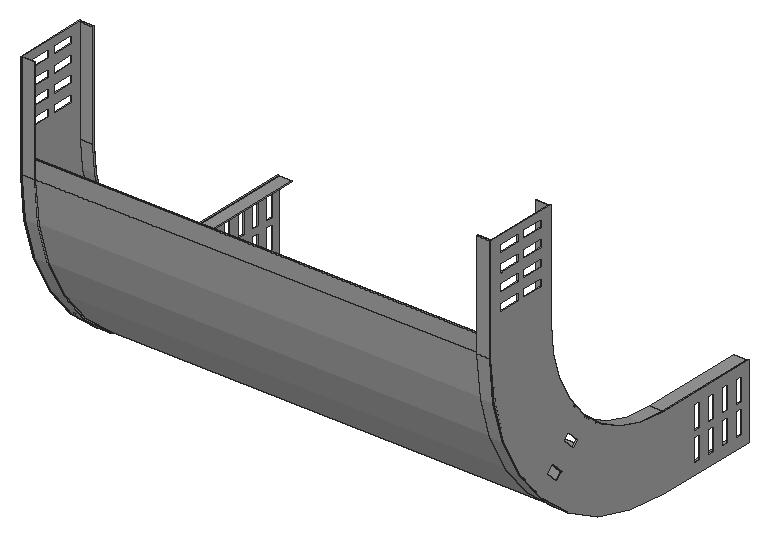
Revit family "Vertikalbogen 90° - RBV 640 F FT SO", category Generic Models, Revit 2017
Family settings
  Can host rebar = No
  Round Connector Dimension = Use Diameter
  Part Type = Normal
  Work Plane-Based = No
  Always vertical = Yes
  Cut with Voids When Loaded = No
  Shared = No
  Room Calculation Point = No
Parameters (values of type "RBV 640 F FT SO")
  URL = "http://www.obo-bettermann.com"
  Material = Hot dip galvanised
  Manufacturer Art.No. = "7195586"
  Manufacturer = "OBO BETTERMANN"
  GTIN = "4012196697212"
  Cut's number 2 = 4
  Cut's number = 2
  Article Type = "RBV 640 F FT SO"
Reference planes
  plane 1 "Center (Front/Back)": y = 0
  plane 2: z = 0
  plane 3 "Center (Left/Right)": x = 0
  plane 4: z = 273.75
  plane 5: y = 273.75
  plane 6: x = 1
  plane 7: x = 11.963
  plane 8: z = 273.75
  plane 9: x = 401
  plane 10: x = 400
  plane 11: x = 389
  plane 12: y = 198.75
  plane 13: z = 198.75
  plane 14: z = 263.75
  plane 15: y = 31.5
  plane 16: y = 44
  plane 17: z = 263.75
  plane 18: y = 6.5
  plane 19: y = 19
  plane 20: z = 248.75
  plane 21: y = 31.5
  plane 22: y = 44
  plane 23: z = 248.75
  plane 24: y = 6.5
  plane 25: y = 19
  plane 26: z = 233.75
  plane 27: y = 31.5
  plane 28: y = 44
  plane 29: z = 233.75
  plane 30: y = 6.5
  plane 31: y = 19
  plane 32: z = 218.75
  plane 33: y = 31.5
  plane 34: y = 44
  plane 35: z = 218.75
  plane 36: y = 6.5
  plane 37: y = 19
  plane 38: through (0, 0, 0) normal (0, 0.7071, -0.7071)
  plane 39: y = 263.75
  plane 40: z = 31.5
  plane 41: z = 44
  plane 42: y = 263.75
  plane 43: z = 6.5
  plane 44: z = 19
  plane 45: y = 248.75
  plane 46: z = 31.5
  plane 47: z = 44
  plane 48: y = 248.75
  plane 49: z = 6.5
  plane 50: z = 19
  plane 51: y = 233.75
  plane 52: z = 31.5
  plane 53: z = 44
  plane 54: y = 233.75
  plane 55: z = 6.5
  plane 56: z = 19
  plane 57: y = 218.75
  plane 58: z = 31.5
  plane 59: z = 44
  plane 60: y = 218.75
  plane 61: z = 6.5
  plane 62: z = 19
  plane 63: z = 263.75
  plane 64: y = 31.5
  plane 65: y = 44
  plane 66: z = 263.75
  plane 67: y = 6.5
  plane 68: y = 19
  plane 69: z = 248.75
  plane 70: y = 31.5
  plane 71: y = 44
  plane 72: z = 248.75
  plane 73: y = 6.5
  plane 74: y = 19
  plane 75: z = 233.75
  plane 76: y = 31.5
  plane 77: y = 44
  plane 78: z = 233.75
  plane 79: y = 6.5
  plane 80: y = 19
  plane 81: z = 218.75
  plane 82: y = 31.5
  plane 83: y = 44
  plane 84: z = 218.75
  plane 85: y = 6.5
  plane 86: y = 19
  plane 87: y = 263.75
  plane 88: z = 31.5
  plane 89: z = 44
  plane 90: y = 263.75
  plane 91: z = 6.5
  plane 92: z = 19
  plane 93: y = 248.75
  plane 94: z = 31.5
  plane 95: z = 44
  plane 96: y = 248.75
  plane 97: z = 6.5
  plane 98: z = 19
  plane 99: y = 233.75
  plane 100: z = 31.5
  plane 101: z = 44
  plane 102: y = 233.75
  plane 103: z = 6.5
  plane 104: z = 19
  plane 105: y = 218.75
  plane 106: z = 31.5
  plane 107: z = 44
  plane 108: y = 218.75
  plane 109: z = 6.5
  plane 110: z = 19
  plane 111: through (0, 68, 84.129) normal (0, -0.7071, -0.7071)
  plane 112: through (0, 53.819, 53.819) normal (0, 0.7071, 0.7071)
Forms (mm)
  Extrusion 1, solid, material "Hot dip galvanised" <- "Material"
    sketch origin (0, 0, 0) x (0, 1, 0) y (0, 0, 1)
      loop
        line (273.75, 0) -> (273.75, 63) -> (183.75, 63)
        arc (183.75, 63) -> (98.367, 98.367) -> (63, 183.75) r 120.75
        line (63, 183.75) -> (63, 273.75) -> (0, 273.75) -> (0, 183.75)
        arc (0, 183.75) -> (53.819, 53.819) -> (183.75, 0) r 183.75
        line (183.75, 0) -> (273.75, 0)
    from 0 to 1
  Extrusion 2, solid, material "Hot dip galvanised" <- "Material"
    sketch origin (0, 0, 0) x (0, 1, 0) y (0, 0, 1)
      loop
        line (63, 273.75) -> (62, 273.75) -> (62, 183.75)
        arc (62, 183.75) -> (97.66, 97.66) -> (183.75, 62) r 121.75
        line (183.75, 62) -> (273.75, 62) -> (273.75, 63) -> (183.75, 63)
        arc (183.75, 63) -> (98.367, 98.367) -> (63, 183.75) r 120.75
        line (63, 183.75) -> (63, 273.75)
      loop
        line (0, 273.75) -> (0, 183.75)
        arc (0, 183.75) -> (53.819, 53.819) -> (183.75, 0) r 183.75
        line (183.75, 0) -> (273.75, 0) -> (273.75, 1) -> (183.75, 1)
        arc (183.75, 1) -> (54.526, 54.526) -> (1, 183.75) r 182.75
        line (1, 183.75) -> (1, 273.75) -> (0, 273.75)
    from 1 to 11.963
  Extrusion 3, solid, material "Hot dip galvanised" <- "Material"
    sketch origin (0, 0, 0) x (0, 1, 0) y (0, 0, 1)
      loop
        line (0, 273.75) -> (0, 183.75)
        arc (0, 183.75) -> (53.819, 53.819) -> (183.75, 0) r 183.75
        line (183.75, 0) -> (273.75, 0) -> (273.75, 63) -> (183.75, 63)
        arc (183.75, 63) -> (98.367, 98.367) -> (63, 183.75) r 120.75
        line (63, 183.75) -> (63, 273.75) -> (0, 273.75)
    from 400 to 401
  Extrusion 4, solid, material "Hot dip galvanised" <- "Material"
    sketch origin (0, 0, 0) x (0, 1, 0) y (0, 0, 1)
      loop
        line (0, 273.75) -> (0, 183.75)
        arc (0, 183.75) -> (53.819, 53.819) -> (183.75, 0) r 183.75
        line (183.75, 0) -> (273.75, 0) -> (273.75, 1) -> (183.75, 1)
        arc (183.75, 1) -> (54.526, 54.526) -> (1, 183.75) r 182.75
        line (1, 183.75) -> (1, 273.75) -> (0, 273.75)
      loop
        line (63, 273.75) -> (62, 273.75) -> (62, 183.75)
        arc (62, 183.75) -> (97.66, 97.66) -> (183.75, 62) r 121.75
        line (183.75, 62) -> (273.75, 62) -> (273.75, 63) -> (183.75, 63)
        arc (183.75, 63) -> (98.367, 98.367) -> (63, 183.75) r 120.75
        line (63, 183.75) -> (63, 273.75)
    from 389 to 400
  Extrusion 5, solid, material "Hot dip galvanised"
    sketch origin (0, 0, 0) x (0, 1, 0) y (0, 0, 1)
      loop
        arc (1, 183.75) -> (54.526, 54.526) -> (183.75, 1) r 182.75
        line (183.75, 1) -> (198.75, 1) -> (198.75, 2) -> (183.75, 2)
        arc (183.75, 2) -> (55.233, 55.233) -> (2, 183.75) r 181.75
        line (2, 183.75) -> (2, 198.75) -> (1, 198.75) -> (1, 183.75)
    from 1 to 400
  Extrusion 6, void
    sketch origin (0, 0, 0) x (0, 1, 0) y (0, 0, 1)
      loop
        line (34, 267.25) -> (34, 260.25) -> (54, 260.25) -> (54, 267.25) -> (34, 267.25)
    from 0 to 1
  Extrusion 7, void
    sketch origin (0, -25, 0) x (0, 1, 0) y (0, 0, 1)
      loop
        line (34, 267.25) -> (34, 260.25) -> (54, 260.25) -> (54, 267.25) -> (34, 267.25)
    from 0 to 1
  Extrusion 8, void
    sketch origin (0, 0, -15) x (0, 1, 0) y (0, 0, 1)
      loop
        line (34, 267.25) -> (34, 260.25) -> (54, 260.25) -> (54, 267.25) -> (34, 267.25)
    from 0 to 1
  Extrusion 9, void
    sketch origin (0, -25, -15) x (0, 1, 0) y (0, 0, 1)
      loop
        line (34, 267.25) -> (34, 260.25) -> (54, 260.25) -> (54, 267.25) -> (34, 267.25)
    from 0 to 1
  Extrusion 10, void
    sketch origin (0, 0, -30) x (0, 1, 0) y (0, 0, 1)
      loop
        line (34, 267.25) -> (34, 260.25) -> (54, 260.25) -> (54, 267.25) -> (34, 267.25)
    from 0 to 1
  Extrusion 11, void
    sketch origin (0, -25, -30) x (0, 1, 0) y (0, 0, 1)
      loop
        line (34, 267.25) -> (34, 260.25) -> (54, 260.25) -> (54, 267.25) -> (34, 267.25)
    from 0 to 1
  Extrusion 12, void
    sketch origin (0, 0, -45) x (0, 1, 0) y (0, 0, 1)
      loop
        line (34, 267.25) -> (34, 260.25) -> (54, 260.25) -> (54, 267.25) -> (34, 267.25)
    from 0 to 1
  Extrusion 13, void
    sketch origin (0, -25, -45) x (0, 1, 0) y (0, 0, 1)
      loop
        line (34, 267.25) -> (34, 260.25) -> (54, 260.25) -> (54, 267.25) -> (34, 267.25)
    from 0 to 1
  Extrusion 14, void
    sketch origin (0, 0, 0) x (0, 0, 1) y (0, -1, 0)
      loop
        line (34, -267.25) -> (54, -267.25) -> (54, -260.25) -> (34, -260.25) -> (34, -267.25)
    from 0 to 1
  Extrusion 15, void
    sketch origin (0, 0, -25) x (0, 0, 1) y (0, -1, 0)
      loop
        line (34, -267.25) -> (54, -267.25) -> (54, -260.25) -> (34, -260.25) -> (34, -267.25)
    from 0 to 1
  Extrusion 16, void
    sketch origin (0, -15, 0) x (0, 0, 1) y (0, -1, 0)
      loop
        line (34, -267.25) -> (54, -267.25) -> (54, -260.25) -> (34, -260.25) -> (34, -267.25)
    from 0 to 1
  Extrusion 17, void
    sketch origin (0, -15, -25) x (0, 0, 1) y (0, -1, 0)
      loop
        line (34, -267.25) -> (54, -267.25) -> (54, -260.25) -> (34, -260.25) -> (34, -267.25)
    from 0 to 1
  Extrusion 18, void
    sketch origin (0, -30, 0) x (0, 0, 1) y (0, -1, 0)
      loop
        line (34, -267.25) -> (54, -267.25) -> (54, -260.25) -> (34, -260.25) -> (34, -267.25)
    from 0 to 1
  Extrusion 19, void
    sketch origin (0, -30, -25) x (0, 0, 1) y (0, -1, 0)
      loop
        line (34, -267.25) -> (54, -267.25) -> (54, -260.25) -> (34, -260.25) -> (34, -267.25)
    from 0 to 1
  Extrusion 20, void
    sketch origin (0, -45, 0) x (0, 0, 1) y (0, -1, 0)
      loop
        line (34, -267.25) -> (54, -267.25) -> (54, -260.25) -> (34, -260.25) -> (34, -267.25)
    from 0 to 1
  Extrusion 21, void
    sketch origin (0, -45, -25) x (0, 0, 1) y (0, -1, 0)
      loop
        line (34, -267.25) -> (54, -267.25) -> (54, -260.25) -> (34, -260.25) -> (34, -267.25)
    from 0 to 1
  Extrusion 22, void
    sketch origin (0, 0, 0) x (0, 1, 0) y (0, 0, 1)
      loop
        line (34, 267.25) -> (34, 260.25) -> (54, 260.25) -> (54, 267.25) -> (34, 267.25)
    from 400 to 401
  Extrusion 23, void
    sketch origin (0, -25, 0) x (0, 1, 0) y (0, 0, 1)
      loop
        line (34, 267.25) -> (34, 260.25) -> (54, 260.25) -> (54, 267.25) -> (34, 267.25)
    from 400 to 401
  Extrusion 24, void
    sketch origin (0, 0, -15) x (0, 1, 0) y (0, 0, 1)
      loop
        line (34, 267.25) -> (34, 260.25) -> (54, 260.25) -> (54, 267.25) -> (34, 267.25)
    from 400 to 401
  Extrusion 25, void
    sketch origin (0, -25, -15) x (0, 1, 0) y (0, 0, 1)
      loop
        line (34, 267.25) -> (34, 260.25) -> (54, 260.25) -> (54, 267.25) -> (34, 267.25)
    from 400 to 401
  Extrusion 26, void
    sketch origin (0, 0, -30) x (0, 1, 0) y (0, 0, 1)
      loop
        line (34, 267.25) -> (34, 260.25) -> (54, 260.25) -> (54, 267.25) -> (34, 267.25)
    from 400 to 401
  Extrusion 27, void
    sketch origin (0, -25, -30) x (0, 1, 0) y (0, 0, 1)
      loop
        line (34, 267.25) -> (34, 260.25) -> (54, 260.25) -> (54, 267.25) -> (34, 267.25)
    from 400 to 401
  Extrusion 28, void
    sketch origin (0, 0, -45) x (0, 1, 0) y (0, 0, 1)
      loop
        line (34, 267.25) -> (34, 260.25) -> (54, 260.25) -> (54, 267.25) -> (34, 267.25)
    from 400 to 401
  Extrusion 29, void
    sketch origin (0, -25, -45) x (0, 1, 0) y (0, 0, 1)
      loop
        line (34, 267.25) -> (34, 260.25) -> (54, 260.25) -> (54, 267.25) -> (34, 267.25)
    from 400 to 401
  Extrusion 30, void
    sketch origin (0, 0, 0) x (0, 0, 1) y (0, -1, 0)
      loop
        line (34, -267.25) -> (54, -267.25) -> (54, -260.25) -> (34, -260.25) -> (34, -267.25)
    from 400 to 401
  Extrusion 31, void
    sketch origin (0, 0, -25) x (0, 0, 1) y (0, -1, 0)
      loop
        line (34, -267.25) -> (54, -267.25) -> (54, -260.25) -> (34, -260.25) -> (34, -267.25)
    from 400 to 401
  Extrusion 32, void
    sketch origin (0, -15, 0) x (0, 0, 1) y (0, -1, 0)
      loop
        line (34, -267.25) -> (54, -267.25) -> (54, -260.25) -> (34, -260.25) -> (34, -267.25)
    from 400 to 401
  Extrusion 33, void
    sketch origin (0, -15, -25) x (0, 0, 1) y (0, -1, 0)
      loop
        line (34, -267.25) -> (54, -267.25) -> (54, -260.25) -> (34, -260.25) -> (34, -267.25)
    from 400 to 401
  Extrusion 34, void
    sketch origin (0, -30, 0) x (0, 0, 1) y (0, -1, 0)
      loop
        line (34, -267.25) -> (54, -267.25) -> (54, -260.25) -> (34, -260.25) -> (34, -267.25)
    from 400 to 401
  Extrusion 35, void
    sketch origin (0, -30, -25) x (0, 0, 1) y (0, -1, 0)
      loop
        line (34, -267.25) -> (54, -267.25) -> (54, -260.25) -> (34, -260.25) -> (34, -267.25)
    from 400 to 401
  Extrusion 36, void
    sketch origin (0, -45, 0) x (0, 0, 1) y (0, -1, 0)
      loop
        line (34, -267.25) -> (54, -267.25) -> (54, -260.25) -> (34, -260.25) -> (34, -267.25)
    from 400 to 401
  Extrusion 37, void
    sketch origin (0, -45, -25) x (0, 0, 1) y (0, -1, 0)
      loop
        line (34, -267.25) -> (54, -267.25) -> (54, -260.25) -> (34, -260.25) -> (34, -267.25)
    from 400 to 401
  Extrusion 38, void
    sketch origin (0, 0, 0) x (0, 1, 0) y (0, 0, 1)
      loop
        line (64.549, 75.156) -> (59.594, 70.201)
        arc (59.594, 70.201) -> (64.779, 64.779) -> (70.201, 59.594) r 168.25
        line (70.201, 59.594) -> (75.156, 64.549)
        arc (75.156, 64.549) -> (69.729, 69.729) -> (64.549, 75.156) r 161.25
    from 0 to 1
  Extrusion 39, void
    sketch origin (0, 152.129, 152.129) x (0, 0, -1) y (0, 1, 0)
      loop
        arc (64.549, -75.156) -> (69.729, -69.729) -> (75.156, -64.549) r 161.25
        line (75.156, -64.549) -> (70.201, -59.594)
        arc (70.201, -59.594) -> (64.779, -64.779) -> (59.594, -70.201) r 168.25
        line (59.594, -70.201) -> (64.549, -75.156)
    from 0 to 1
  Extrusion 40, void
    sketch origin (0, 0, 0) x (0, 1, 0) y (0, 0, 1)
      loop
        line (81.928, 92.535) -> (76.973, 87.58)
        arc (76.973, 87.58) -> (82.4, 82.4) -> (87.58, 76.973) r 161.25
        line (87.58, 76.973) -> (92.535, 81.928)
        arc (92.535, 81.928) -> (87.35, 87.35) -> (81.928, 92.535) r 168.25
      loop
        line (64.549, 75.156) -> (59.594, 70.201)
        arc (59.594, 70.201) -> (64.779, 64.779) -> (70.201, 59.594) r 168.25
        line (70.201, 59.594) -> (75.156, 64.549)
        arc (75.156, 64.549) -> (69.729, 69.729) -> (64.549, 75.156) r 161.25
    from 400 to 401
Cuts and joins
  Extrusion 6, Extrusion 7, Extrusion 8, Extrusion 9, Extrusion 10, Extrusion 11, Extrusion 12, Extrusion 13, Extrusion 14, Extrusion 15, Extrusion 16, Extrusion 17, Extrusion 18, Extrusion 19, Extrusion 20, Extrusion 21, Extrusion 22, Extrusion 38, Extrusion 39, Extrusion 40 cuts Extrusion 1
  Extrusion 22, Extrusion 23, Extrusion 24, Extrusion 25, Extrusion 26, Extrusion 27, Extrusion 28, Extrusion 29, Extrusion 30, Extrusion 31, Extrusion 32, Extrusion 33, Extrusion 34, Extrusion 35, Extrusion 36, Extrusion 37, Extrusion 38, Extrusion 40 cuts Extrusion 3
Dimensions and locks
  locked: plane 4 to level at 273.75
  locked: plane 1 "Center (Front/Back)" to plane 5 at 273.75
  locked: Extrusion 1 sketch curve to Extrusion 1 sketch curve at 63  (x2)
  locked: plane 1 "Center (Front/Back)" to Extrusion 1 sketch curve at 273.75
  locked: Extrusion 1 sketch curve to level at 273.75
  locked: plane 6 to plane 3 "Center (Left/Right)" at 1
  locked: Extrusion 2 sketch curve to Extrusion 1 at 1  (x2)
  locked: Extrusion 1 to Extrusion 2 sketch curve at 1  (x2)
  locked: plane 6 to plane 7 at 10.963
  locked: Extrusion 2 to Extrusion 2 at 63  (x2)
  locked: plane 1 "Center (Front/Back)" to Extrusion 1 at 273.75
  locked: Extrusion 1 to level at 273.75
  locked: Extrusion 2 to plane 9 at 400
  locked: plane 10 to plane 9 at 1
  locked: plane 11 to plane 10 at 11
  Extrusion 3 to Extrusion 3 = 63 mm
  locked: plane 15 to plane 16 at 12.5
  locked: Extrusion 6 sketch curve to Extrusion 6 sketch curve at 7
  locked: plane 14 to Extrusion 6 sketch curve at 3.5
  locked: Extrusion 6 sketch curve to Extrusion 6 sketch curve at 20
  locked: Extrusion 6 sketch curve to plane 16 at 10
  locked: plane 18 to plane 19 at 12.5
  locked: Extrusion 7 sketch curve to Extrusion 7 sketch curve at 7
  locked: plane 17 to Extrusion 7 sketch curve at 3.5
  locked: Extrusion 7 sketch curve to Extrusion 7 sketch curve at 20
  locked: Extrusion 7 sketch curve to plane 19 at 10
  locked: plane 21 to plane 22 at 12.5
  locked: Extrusion 8 sketch curve to Extrusion 8 sketch curve at 7
  locked: plane 20 to Extrusion 8 sketch curve at 3.5
  locked: Extrusion 8 sketch curve to Extrusion 8 sketch curve at 20
  locked: Extrusion 8 sketch curve to plane 22 at 10
  locked: plane 24 to plane 25 at 12.5
  locked: Extrusion 9 sketch curve to Extrusion 9 sketch curve at 7
  locked: plane 23 to Extrusion 9 sketch curve at 3.5
  locked: Extrusion 9 sketch curve to Extrusion 9 sketch curve at 20
  locked: Extrusion 9 sketch curve to plane 25 at 10
  locked: plane 27 to plane 28 at 12.5
  locked: Extrusion 10 sketch curve to Extrusion 10 sketch curve at 7
  locked: plane 26 to Extrusion 10 sketch curve at 3.5
  locked: Extrusion 10 sketch curve to Extrusion 10 sketch curve at 20
  locked: Extrusion 10 sketch curve to plane 28 at 10
  locked: plane 30 to plane 31 at 12.5
  locked: Extrusion 11 sketch curve to Extrusion 11 sketch curve at 7
  locked: plane 29 to Extrusion 11 sketch curve at 3.5
  locked: Extrusion 11 sketch curve to Extrusion 11 sketch curve at 20
  locked: Extrusion 11 sketch curve to plane 31 at 10
  locked: plane 33 to plane 34 at 12.5
  locked: Extrusion 12 sketch curve to Extrusion 12 sketch curve at 7
  locked: plane 32 to Extrusion 12 sketch curve at 3.5
  locked: Extrusion 12 sketch curve to Extrusion 12 sketch curve at 20
  locked: Extrusion 12 sketch curve to plane 34 at 10
  locked: plane 36 to plane 37 at 12.5
  locked: Extrusion 13 sketch curve to Extrusion 13 sketch curve at 7
  locked: plane 35 to Extrusion 13 sketch curve at 3.5
  locked: Extrusion 13 sketch curve to Extrusion 13 sketch curve at 20
  locked: Extrusion 13 sketch curve to plane 37 at 10
  locked: plane 40 to plane 41 at 12.5
  locked: Extrusion 14 sketch curve to Extrusion 14 sketch curve at 7
  locked: Extrusion 14 sketch curve to plane 39 at 3.5
  locked: Extrusion 14 sketch curve to Extrusion 14 sketch curve at 20
  locked: Extrusion 14 sketch curve to plane 41 at 10
  locked: plane 43 to plane 44 at 12.5
  locked: Extrusion 15 sketch curve to Extrusion 15 sketch curve at 7
  locked: Extrusion 15 sketch curve to plane 42 at 3.5
  locked: Extrusion 15 sketch curve to Extrusion 15 sketch curve at 20
  locked: Extrusion 15 sketch curve to plane 44 at 10
  locked: plane 46 to plane 47 at 12.5
  locked: Extrusion 16 sketch curve to Extrusion 16 sketch curve at 7
  locked: Extrusion 16 sketch curve to plane 45 at 3.5
  locked: Extrusion 16 sketch curve to Extrusion 16 sketch curve at 20
  locked: Extrusion 16 sketch curve to plane 47 at 10
  locked: plane 49 to plane 50 at 12.5
  locked: Extrusion 17 sketch curve to Extrusion 17 sketch curve at 7
  locked: Extrusion 17 sketch curve to plane 48 at 3.5
  locked: Extrusion 17 sketch curve to Extrusion 17 sketch curve at 20
  locked: Extrusion 17 sketch curve to plane 50 at 10
  locked: plane 52 to plane 53 at 12.5
  locked: Extrusion 18 sketch curve to Extrusion 18 sketch curve at 7
  locked: Extrusion 18 sketch curve to plane 51 at 3.5
  locked: Extrusion 18 sketch curve to Extrusion 18 sketch curve at 20
  locked: Extrusion 18 sketch curve to plane 53 at 10
  locked: plane 55 to plane 56 at 12.5
  locked: Extrusion 19 sketch curve to Extrusion 19 sketch curve at 7
  locked: Extrusion 19 sketch curve to plane 54 at 3.5
  locked: Extrusion 19 sketch curve to Extrusion 19 sketch curve at 20
  locked: Extrusion 19 sketch curve to plane 56 at 10
  locked: plane 58 to plane 59 at 12.5
  locked: Extrusion 20 sketch curve to Extrusion 20 sketch curve at 7
  locked: plane 57 to Extrusion 20 sketch curve at 3.5
  locked: Extrusion 20 sketch curve to Extrusion 20 sketch curve at 20
  locked: Extrusion 20 sketch curve to plane 59 at 10
  locked: plane 61 to plane 62 at 12.5
  locked: Extrusion 21 sketch curve to Extrusion 21 sketch curve at 7
  locked: plane 60 to Extrusion 21 sketch curve at 3.5
  locked: Extrusion 21 sketch curve to Extrusion 21 sketch curve at 20
  locked: Extrusion 21 sketch curve to plane 62 at 10
  locked: Extrusion 22 sketch curve to Extrusion 22 sketch curve at 7
  locked: plane 63 to Extrusion 22 sketch curve at 3.5
  Extrusion 22 sketch curve to Extrusion 22 sketch curve = 20 mm
  plane 65 to Extrusion 22 sketch curve = 10 mm
  locked: Extrusion 23 sketch curve to Extrusion 23 sketch curve at 7
  locked: plane 66 to Extrusion 23 sketch curve at 3.5
  Extrusion 23 sketch curve to Extrusion 23 sketch curve = 20 mm
  plane 68 to Extrusion 23 sketch curve = 10 mm
  locked: Extrusion 24 sketch curve to Extrusion 24 sketch curve at 7
  locked: plane 69 to Extrusion 24 sketch curve at 3.5
  Extrusion 24 sketch curve to Extrusion 24 sketch curve = 20 mm
  plane 71 to Extrusion 24 sketch curve = 10 mm
  locked: Extrusion 25 sketch curve to Extrusion 25 sketch curve at 7
  locked: plane 72 to Extrusion 25 sketch curve at 3.5
  Extrusion 25 sketch curve to Extrusion 25 sketch curve = 20 mm
  plane 74 to Extrusion 25 sketch curve = 10 mm
  locked: Extrusion 26 sketch curve to Extrusion 26 sketch curve at 7
  locked: plane 75 to Extrusion 26 sketch curve at 3.5
  Extrusion 26 sketch curve to Extrusion 26 sketch curve = 20 mm
  plane 77 to Extrusion 26 sketch curve = 10 mm
  locked: Extrusion 27 sketch curve to Extrusion 27 sketch curve at 7
  locked: plane 78 to Extrusion 27 sketch curve at 3.5
  Extrusion 27 sketch curve to Extrusion 27 sketch curve = 20 mm
  plane 80 to Extrusion 27 sketch curve = 10 mm
  locked: Extrusion 28 sketch curve to Extrusion 28 sketch curve at 7
  locked: plane 81 to Extrusion 28 sketch curve at 3.5
  Extrusion 28 sketch curve to Extrusion 28 sketch curve = 20 mm
  plane 83 to Extrusion 28 sketch curve = 10 mm
  locked: Extrusion 29 sketch curve to Extrusion 29 sketch curve at 7
  locked: plane 84 to Extrusion 29 sketch curve at 3.5
  Extrusion 29 sketch curve to Extrusion 29 sketch curve = 20 mm
  plane 86 to Extrusion 29 sketch curve = 10 mm
  locked: Extrusion 30 sketch curve to Extrusion 30 sketch curve at 7
  locked: Extrusion 30 sketch curve to plane 87 at 3.5
  Extrusion 30 sketch curve to Extrusion 30 sketch curve = 20 mm
  plane 89 to Extrusion 30 sketch curve = 10 mm
  locked: Extrusion 31 sketch curve to Extrusion 31 sketch curve at 7
  locked: Extrusion 31 sketch curve to plane 90 at 3.5
  Extrusion 31 sketch curve to Extrusion 31 sketch curve = 20 mm
  plane 92 to Extrusion 31 sketch curve = 10 mm
  locked: Extrusion 32 sketch curve to Extrusion 32 sketch curve at 7
  locked: Extrusion 32 sketch curve to plane 93 at 3.5
  Extrusion 32 sketch curve to Extrusion 32 sketch curve = 20 mm
  plane 95 to Extrusion 32 sketch curve = 10 mm
  locked: Extrusion 33 sketch curve to Extrusion 33 sketch curve at 7
  locked: Extrusion 33 sketch curve to plane 96 at 3.5
  Extrusion 33 sketch curve to Extrusion 33 sketch curve = 20 mm
  plane 98 to Extrusion 33 sketch curve = 10 mm
  locked: Extrusion 34 sketch curve to Extrusion 34 sketch curve at 7
  locked: Extrusion 34 sketch curve to plane 99 at 3.5
  Extrusion 34 sketch curve to Extrusion 34 sketch curve = 20 mm
  plane 101 to Extrusion 34 sketch curve = 10 mm
  locked: Extrusion 35 sketch curve to Extrusion 35 sketch curve at 7
  locked: Extrusion 35 sketch curve to plane 102 at 3.5
  Extrusion 35 sketch curve to Extrusion 35 sketch curve = 20 mm
  plane 104 to Extrusion 35 sketch curve = 10 mm
  locked: Extrusion 36 sketch curve to Extrusion 36 sketch curve at 7
  locked: Extrusion 36 sketch curve to plane 105 at 3.5
  Extrusion 36 sketch curve to Extrusion 36 sketch curve = 20 mm
  plane 107 to Extrusion 36 sketch curve = 10 mm
  locked: Extrusion 37 sketch curve to Extrusion 37 sketch curve at 7
  locked: plane 108 to Extrusion 37 sketch curve at 3.5
  Extrusion 37 sketch curve to Extrusion 37 sketch curve = 20 mm
  plane 110 to Extrusion 37 sketch curve = 10 mm
  locked: Extrusion 38 sketch curve to Extrusion 38 sketch curve at 15
  locked: plane 38 to Extrusion 38 sketch curve at 7.5
  cut or joined group of Extrusion 1, Extrusion 6, Extrusion 7, Extrusion 8, Extrusion 9, Extrusion 10, Extrusion 11, Extrusion 12, Extrusion 13, Extrusion 14, Extrusion 15, Extrusion 16, Extrusion 17, Extrusion 18, Extrusion 19, Extrusion 20, Extrusion 21, Extrusion 22, Extrusion 38, Extrusion 39, Extrusion 40 to plane 111 = 31.46 mm
  plane 111 to plane 112 = 31.46 mm
  locked: Extrusion 39 sketch curve to Extrusion 39 sketch curve at 15
  radius of Extrusion 1 sketch curve = 120.75 mm
  radius of Extrusion 1 sketch curve = 183.75 mm
  aligned and locked: level to plane 2
  aligned and locked: Extrusion 1 to level
  aligned and locked: plane 1 "Center (Front/Back)" to Extrusion 1
  aligned and locked: plane 6 to Extrusion 1
  aligned and locked: Extrusion 2 sketch curve to Extrusion 1  (x4)
  aligned and locked: Extrusion 2 to Extrusion 1  (x4)
  aligned and locked: Extrusion 1 to Extrusion 2
  aligned and locked: Extrusion 2 to level
  aligned and locked: plane 1 "Center (Front/Back)" to Extrusion 2
  aligned and locked: Extrusion 2 to plane 7
  aligned and locked: Extrusion 3 to level
  aligned and locked: plane 1 "Center (Front/Back)" to Extrusion 3
  aligned and locked: Extrusion 3 to Extrusion 1  (x2)
  aligned and locked: plane 9 to Extrusion 3
  aligned and locked: Extrusion 3 to plane 10
  aligned and locked: Extrusion 4 sketch curve to Extrusion 2
  aligned and locked: Extrusion 4 sketch curve to Extrusion 1
  aligned and locked: Extrusion 1 to Extrusion 4  (x2)
  aligned and locked: Extrusion 4 to Extrusion 1  (x2)
  aligned and locked: Extrusion 4 to Extrusion 2  (x4)
  aligned and locked: Extrusion 4 to Extrusion 3
  aligned and locked: Extrusion 4 to plane 11
  aligned and locked: Extrusion 5 to Extrusion 3
  aligned and locked: Extrusion 5 to Extrusion 1
  aligned and locked: Extrusion 1 to Extrusion 6  (x2)
  aligned and locked: Extrusion 3 to Extrusion 22  (x2)
  aligned and locked: Extrusion 38 to plane 3 "Center (Left/Right)"
  aligned and locked: Extrusion 1 to Extrusion 38
  aligned and locked: cut or joined group of Extrusion 3, Extrusion 22, Extrusion 23, Extrusion 24, Extrusion 25, Extrusion 26, Extrusion 27, Extrusion 28, Extrusion 29, Extrusion 30, Extrusion 31, Extrusion 32, Extrusion 33, Extrusion 34, Extrusion 35, Extrusion 36, Extrusion 37, Extrusion 38, Extrusion 40 to Extrusion 40  (x2)
  aligned and locked: Extrusion 40 to Extrusion 4
Automatic sketch dimensions
  Extrusion 1 sketch curve to Extrusion 1 sketch curve = 0 mm  (x2)
  Extrusion 1 sketch curve to plane 1 "Center (Front/Back)" = 0 mm
  Extrusion 1 sketch curve to level = 0 mm
  Extrusion 2 sketch curve to Extrusion 2 sketch curve = 0 mm  (x12)
  Extrusion 2 sketch curve to plane 1 "Center (Front/Back)" = 0 mm
  Extrusion 2 sketch curve to Extrusion 2 sketch curve = 1 mm
  Extrusion 2 sketch curve to Extrusion 2 sketch curve = 90 mm
  Extrusion 3 sketch curve to Extrusion 3 sketch curve = 0 mm  (x2)
  Extrusion 3 sketch curve to plane 1 "Center (Front/Back)" = 0 mm
  Extrusion 3 sketch curve to plane 8 = 0 mm
  Extrusion 3 sketch curve to level = 0 mm
  Extrusion 3 sketch curve to plane 1 "Center (Front/Back)" = 63 mm
  Extrusion 3 sketch curve to plane 1 "Center (Front/Back)" = 183.75 mm
  Extrusion 3 sketch curve to Extrusion 3 sketch curve = 90 mm
  Extrusion 4 sketch curve to Extrusion 4 sketch curve = 0 mm  (x13)
  Extrusion 4 sketch curve to plane 1 "Center (Front/Back)" = 0 mm
  plane 38 to Extrusion 4 sketch curve = 0 mm
  Extrusion 4 sketch curve to plane 1 "Center (Front/Back)" = 1 mm
  Extrusion 4 sketch curve to Extrusion 4 sketch curve = 61 mm
  Extrusion 4 sketch curve to Extrusion 4 sketch curve = 1 mm
  Extrusion 4 sketch curve to Extrusion 4 sketch curve = 120.75 mm
  Extrusion 4 sketch curve to Extrusion 4 sketch curve = 90 mm
  Extrusion 5 sketch curve to Extrusion 5 sketch curve = 0 mm  (x2)
  Extrusion 5 sketch curve to plane 13 = 0 mm
  plane 38 to Extrusion 5 sketch curve = 0 mm
  Extrusion 5 sketch curve to plane 12 = 0 mm
  level to Extrusion 5 sketch curve = 1 mm
  Extrusion 5 sketch curve to plane 12 = 15 mm
  Extrusion 5 sketch curve to Extrusion 5 sketch curve = 1 mm
  Extrusion 38 sketch curve to Extrusion 38 sketch curve = 0 mm  (x6)
  plane 38 to Extrusion 38 sketch curve = 0 mm
  level to Extrusion 38 sketch curve = 183.75 mm
  level to Extrusion 38 sketch curve = 64.549 mm
  level to Extrusion 38 sketch curve = 59.594 mm
  Extrusion 39 sketch curve to Extrusion 39 sketch curve = 0 mm  (x4)
  Extrusion 39 sketch curve to plane 38 = 0 mm
  level to Extrusion 39 sketch curve = 31.621 mm
  Extrusion 39 sketch curve to level = 76.973 mm
  Extrusion 39 sketch curve to Extrusion 39 sketch curve = 4.955 mm  (x2)
  Extrusion 39 sketch curve to Extrusion 39 sketch curve = 10.607 mm
  plane 1 "Center (Front/Back)" to Extrusion 39 sketch curve = 76.973 mm
  plane 1 "Center (Front/Back)" to Extrusion 39 sketch curve = 81.928 mm
  Extrusion 40 sketch curve to Extrusion 40 sketch curve = 0 mm  (x4)
  Extrusion 40 sketch curve to plane 38 = 0 mm
  plane 38 to Extrusion 40 sketch curve = 0 mm
  Extrusion 40 sketch curve to level = 31.621 mm
  Extrusion 40 sketch curve to plane 1 "Center (Front/Back)" = 64.549 mm
  Extrusion 40 sketch curve to Extrusion 40 sketch curve = 10.607 mm  (x2)
  Extrusion 40 sketch curve to Extrusion 40 sketch curve = 12.424 mm  (x2)
  Extrusion 40 sketch curve to Extrusion 40 sketch curve = 4.955 mm  (x6)
  Extrusion 40 sketch curve to Extrusion 40 sketch curve = 101.822 mm
  level to Extrusion 40 sketch curve = 64.549 mm
